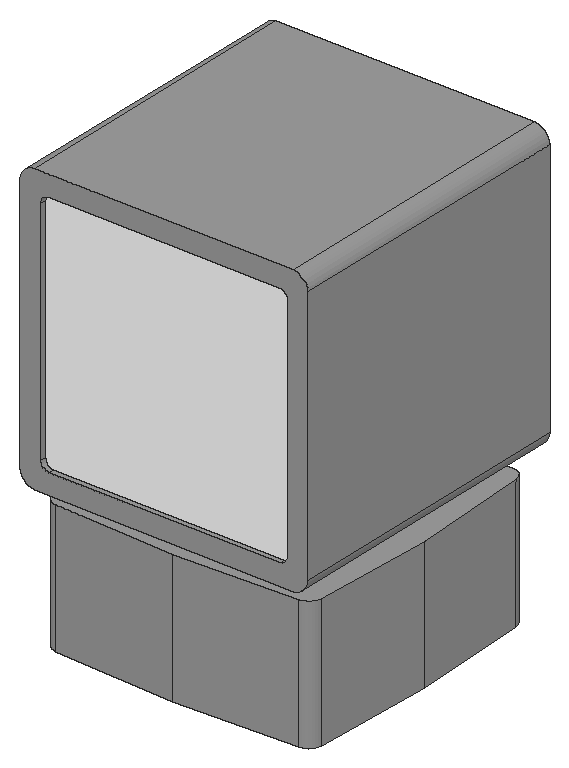
Revit family "3070030 Feilo Sylvania Lighting Fixtures INVERTO DIRECT NW 1-10V WHITE", category Lighting Fixtures, host Face, Revit 2017
Family settings
  Host = Face
  Round Connector Dimension = Use Diameter
  Part Type = Normal
  Cut with Voids When Loaded = No
  Light Source = Yes
  Shared = No
  Room Calculation Point = No
Parameters (values of type "3070030 INVERTO DIRECT NW 1-10V WHITE")
  Weight = "1.298 kg"
  Wattage Comments = "n/a"
  Wattage = 16 W
  WarrantyStartDate [instance] = "n/a"
  WarrantyGuarantorParts = "n/a"
  WarrantyDurationUnit = "n/a"
  WarrantyDurationParts = "n/a"
  WarrantyDescription = "n/a"
  built-in parameter 1150110 = 1 (stored number, unit not read)
  Voltage = 230 V
  URL = "http://www.sylvania-lighting.com"
  TypeName = "INVERTO DIRECT NW 1-10V WHITE"
  Type Image = <None>
  Type Comments = "n/a"
  built-in parameter 1114217 = 1 (stored number, unit not read)
  Tilt Angle = -90.00°
  built-in parameter 1150109 = 1 (stored number, unit not read)
  built-in parameter 1150134 = 12
  built-in parameter 1150113 = 1 (stored number, unit not read)
  SerialNumber [instance] = "n/a"
  PowerFactor = 0
  PowerConsumption = "16 W"
  Photometric Web File = "3070030.ies"
  NominalLength = 162 mm
  NominalHeight = 110 mm
  NominalDepth = 110 mm
  Name = "INVERTO DIRECT NW 1-10V WHITE"
  ModelReference = "INVERTO DIRECT NW 1-10V WHITE"
  ModelNumber = "3070030"
  Model = "INVERTO DIRECT NW 1-10V WHITE"
  Material = "aluminium housing, glass diffuser"
  ManufacturerName = "Feilo Sylvania"
  Manufacturer = "Feilo Sylvania"
  LuminousEfficacy = "102 lm/W"
  built-in parameter 1150105 = 129.87 (stored number, unit not read)
  Lumens = 1632 lm
  LuminaireType = ""
  built-in parameter 1150115 = 1 (stored number, unit not read)
  LightOutputRatio = "100"
  built-in parameter 1150137 = (empty or 0)
  built-in parameter 1150139 = (empty or 0)
  LampsType = Lamp  # "LED"
  LampNominalLuminous = "1617 / 2045 lm"
  LampMacAdamStep = "n/a"
  LampColourTemperature = "4000 K"
  LampColourRenderingIndex = "80"
  built-in parameter 1150112 = 1 (stored number, unit not read)
  built-in parameter 1150114 = 1 (stored number, unit not read)
  Lamp = "LED"
  Keynote = "16500"
  InstallationDate [instance] = "n/a"
  InputVoltage = "220-240V~"
  InputNominalFrequency = "50/60 Hz"
  built-in parameter 1150132 = 2
  built-in parameter 1150102 = (empty or 0)
  built-in parameter 1150107 = 4000 (stored number, unit not read)
  built-in parameter 1150138 = (empty or 0)
  IngressProtection = "IP65"
  ImpactProtectionIndex = "IK07"
  built-in parameter 1150106 = 1.2987 (stored number, unit not read)
  IfcExportType = "IfcLightFixtureType"
  IfcExportAs = "IfcLightFixtureType"
  Housing material = Default
  ExpectedLife = 50000
  Emit from Rectangle Width = 90 mm
  Emit from Rectangle Length = 90 mm
  Emit Shape Visible in Rendering = no
  ElectricShockClassification = "Class I"
  built-in parameter 1150104 = 9.4761 (stored number, unit not read)
  DurationUnit = "hours"
  DocumentationLiterature = "http://www.sylvania-lighting.com/product/en-int/products/3070030"
  DimmingControlOptions = "Dimmable"
  Dimming Lamp Color Temperature Shift = <None>
  Description = "Surface Wall mounted luminaire, wire to base with pluggable connection for easy installation,  suitable for looping, switchable driver, white coloured aluminium housing, 1,617lm or 2,045lm, 16W or 19W, 102lm/W or 107lm/W, 4000K, 350mA or 450mA , CRI:80,  40° beam Angle, 1-10V dimmable, IP65, IK02, 50,000hrs (L70),  23.00x19.4x11.5mm."
  Default Elevation = 1219.2 mm
  CreatedOn = "17/11/2017"
  CreatedBy = ""
  Cost = 0
  Color Filter = 16777215
  built-in parameter 1114216 [instance] = (empty or 0)
  Calculate Coefficient of Utilization = no
  BarCode [instance] = "n/a"
  built-in parameter 1114218 = 1 (stored number, unit not read)
  built-in parameter 1150133 = 10 (stored number, unit not read)
  AssetType = "Fixed"
  AssetIdentifier [instance] = "n/a"
  Assembly Code = "D5020200"
  Apparent Load = 16 VA
Reference planes
  plane 1 "Center (Front/Back)": y = 0
  plane 2: z = 0
  plane 3 "Center (Left/Right)": x = 0
  plane 4: x = 51
  plane 5: x = -51
  plane 6: y = -51
  plane 7: y = 51
  plane 8: x = -55
  plane 9: x = 55
  plane 10: y = 55
  plane 11: y = -55
  plane 12: z = 48
  plane 13: z = 162
  plane 14: z = 52
  plane 15: y = -40
  plane 16: y = 40
  plane 17: x = -40
  plane 18: x = 40
  plane 19: z = 62
  plane 20: z = 152
  plane 21: x = -45
  plane 22: x = 45
  plane 23: y = 48.5
  plane 24: x = -48.5
  plane 25: x = 48.5
  plane 26: y = -48.5
  plane 27: z = 107
  plane 28: z = 159
  plane 29: x = -52
  plane 30: z = 55
  plane 31: x = 52
Forms (mm)
  Extrusion 1, solid, material "Default", detail levels medium+fine
    sketch origin (0, 0, 0) x (0, 1, 0) y (0, 0, 1)
      loop
        line (-51, 48) -> (-51, 0) -> (51, 0) -> (51, 48) -> (-51, 48)
    from -51 to 51
  Extrusion 2, solid, material "Default", detail levels medium+fine
    sketch origin (0, 0, 0) x (0, 1, 0) y (0, 0, 1)
      loop
        line (-40, 48) -> (40, 48) -> (40, 55) -> (-40, 55) -> (-40, 48)
    from -40 to 40
  Extrusion 3, void, detail levels medium+fine
    sketch origin (0, 0, 0) x (1, 0, 0) y (0, 1, 0)
      loop
        arc (-44.399, 48.906) -> (-22.224, 50.476) -> (0, 51) r 471.7
        line (0, 51) -> (-51, 51) -> (-51, 0)
        arc (-51, 0) -> (-50.476, 22.224) -> (-48.906, 44.399) r 471.7
        arc (-48.906, 44.399) -> (-47.464, 47.464) -> (-44.399, 48.906) r 5
    from 0 to 48
  Extrusion 4, void, detail levels medium+fine
    sketch origin (0, 0, 0) x (-1, 0, 0) y (0, -1, 0)
      loop
        arc (-44.399, -48.906) -> (-47.464, -47.464) -> (-48.906, -44.399) r 5
        arc (-48.906, -44.399) -> (-50.476, -22.224) -> (-51, 0) r 471.7
        line (-51, 0) -> (-51, -51) -> (0, -51)
        arc (0, -51) -> (-22.224, -50.476) -> (-44.399, -48.906) r 471.7
    from 0 to 48
  Extrusion 5, void, detail levels medium+fine
    sketch origin (0, 0, 0) x (1, 0, 0) y (0, 1, 0)
      loop
        arc (-44.399, -48.906) -> (-47.464, -47.464) -> (-48.906, -44.399) r 5
        arc (-48.906, -44.399) -> (-50.476, -22.224) -> (-51, 0) r 471.7
        line (-51, 0) -> (-51, -51) -> (0, -51)
        arc (0, -51) -> (-22.224, -50.476) -> (-44.399, -48.906) r 471.7
    from 0 to 48
  Extrusion 6, void, detail levels medium+fine
    sketch origin (0, 0, 0) x (-1, 0, 0) y (0, -1, 0)
      loop
        arc (-44.399, 48.906) -> (-22.224, 50.476) -> (0, 51) r 471.7
        line (0, 51) -> (-51, 51) -> (-51, 0)
        arc (-51, 0) -> (-50.476, 22.224) -> (-48.906, 44.399) r 471.7
        arc (-48.906, 44.399) -> (-47.464, 47.464) -> (-44.399, 48.906) r 5
    from 0 to 48
  Extrusion 7, solid, material "Default", detail levels medium+fine
    sketch origin (0, 0, 0) x (1, 0, 0) y (0, 0, 1)
      loop
        arc (-47.19, 159.531) -> (-50.806, 157.806) -> (-52.531, 154.19) r 6
        arc (-52.531, 154.19) -> (-55, 107) -> (-52.531, 59.81) r 452.167
        arc (-52.531, 59.81) -> (-50.806, 56.194) -> (-47.19, 54.469) r 6
        arc (-47.19, 54.469) -> (0, 52) -> (47.19, 54.469) r 452.167
        arc (47.19, 54.469) -> (50.806, 56.194) -> (52.531, 59.81) r 6
        arc (52.531, 59.81) -> (55, 107) -> (52.531, 154.19) r 452.167
        arc (52.531, 154.19) -> (50.806, 157.806) -> (47.19, 159.531) r 6
        arc (47.19, 159.531) -> (0, 162) -> (-47.19, 159.531) r 452.167
    from -55 to 55
  Extrusion 8, solid, material "Default" <- "Housing material", detail levels coarse
    sketch origin (0, 0, 0) x (1, 0, 0) y (0, 0, 1)
      loop
        line (-55, 162) -> (-55, 52) -> (55, 52) -> (55, 162) -> (-55, 162)
    from -55 to 55
  Extrusion 9, void
    sketch origin (1524, -55, 1219.2) x (-1, 0, 0) y (0, 0, 1)
      loop
        line (1566, -1067.2) -> (1482, -1067.2)
        arc (1482, -1067.2) -> (1479.879, -1068.079) -> (1479, -1070.2) r 3
        line (1479, -1070.2) -> (1479, -1154.2)
        arc (1479, -1154.2) -> (1479.879, -1156.321) -> (1482, -1157.2) r 3
        line (1482, -1157.2) -> (1566, -1157.2)
        arc (1566, -1157.2) -> (1568.121, -1156.321) -> (1569, -1154.2) r 3
        line (1569, -1154.2) -> (1569, -1070.2)
        arc (1569, -1070.2) -> (1568.121, -1068.079) -> (1566, -1067.2) r 3
    from 0 to 4
  Extrusion 10, solid, material "Diffuser-Sylvania-Glow"
    sketch origin (1524, -51, 1219.2) x (1, 0, 0) y (0, 0, 1)
      loop
        line (-1566, -1157.2) -> (-1482, -1157.2)
        arc (-1482, -1157.2) -> (-1479.879, -1156.321) -> (-1479, -1154.2) r 3
        line (-1479, -1154.2) -> (-1479, -1070.2)
        arc (-1479, -1070.2) -> (-1479.879, -1068.079) -> (-1482, -1067.2) r 3
        line (-1482, -1067.2) -> (-1566, -1067.2)
        arc (-1566, -1067.2) -> (-1568.121, -1068.079) -> (-1569, -1070.2) r 3
        line (-1569, -1070.2) -> (-1569, -1154.2)
        arc (-1569, -1154.2) -> (-1568.121, -1156.321) -> (-1566, -1157.2) r 3
    from 0 to 2
  Extrusion 11, solid, material "Default", detail levels coarse
    sketch origin (0, 0, 0) x (1, 0, 0) y (0, 1, 0)
      loop
        line (-51, 51) -> (-51, -51) -> (51, -51) -> (51, 51) -> (-51, 51)
    from 0 to 48
Cuts and joins
  Extrusion 3, Extrusion 4, Extrusion 5, Extrusion 6 cuts Extrusion 1
  Extrusion 9 cuts Extrusion 2
  Extrusion 9 cuts Extrusion 7
  joined: Extrusion 2, Extrusion 7
  Extrusion 9 cuts Extrusion 8
Dimensions and locks
  equal spacing: plane 5, plane 3 "Center (Left/Right)", plane 4
  locked: plane 5 to plane 4 at 102
  equal spacing: plane 6, plane 1 "Center (Front/Back)", plane 7
  locked: plane 6 to plane 7 at 102
  equal spacing: plane 11, plane 1 "Center (Front/Back)", plane 10
  locked: plane 11 to plane 10 at 110
  equal spacing: plane 8, plane 3 "Center (Left/Right)", plane 9
  locked: plane 8 to plane 9 at 110
  locked: plane 12 to plane 2 at 48
  locked: plane 12 to plane 14 at 4
  locked: plane 13 to plane 2 at 162
  equal spacing: plane 15, plane 1 "Center (Front/Back)", plane 16
  locked: plane 15 to plane 16 at 80
  equal spacing: plane 17, plane 3 "Center (Left/Right)", plane 18
  locked: plane 17 to plane 18 at 80
  locked: plane 19 to plane 14 at 10
  locked: plane 13 to plane 20 at 10
  locked: plane 21 to plane 8 at 10
  locked: plane 9 to plane 22 at 10
  plane 19 to plane 14 = 10 mm
  locked: plane 27 to plane 2 at 107
  locked: plane 29 to plane 8 at 3
  locked: plane 13 to plane 28 at 3
  locked: plane 9 to plane 31 at 3
  locked: plane 30 to plane 14 at 3
  aligned and locked: plane 2 to host face
  aligned and locked: level to host face
  aligned and locked: plane 12 to Extrusion 1 sketch curve
  aligned and locked: Extrusion 1 sketch curve to plane 6
  aligned and locked: level to Extrusion 1 sketch curve
  aligned and locked: plane 7 to Extrusion 1 sketch curve
  aligned and locked: plane 4 to Extrusion 1
  aligned and locked: Extrusion 1 to plane 5
  aligned and locked: plane 12 to Extrusion 2 sketch curve
  aligned and locked: plane 15 to Extrusion 2 sketch curve
  aligned and locked: Extrusion 2 sketch curve to plane 16
  aligned and locked: Extrusion 3 sketch curve to Extrusion 1
  aligned and locked: Extrusion 3 to level
  aligned and locked: Extrusion 3 to plane 12
  aligned and locked: Extrusion 7 to plane 10
  aligned and locked: plane 11 to Extrusion 7
  aligned and locked: Extrusion 2 to plane 30
  aligned and locked: plane 13 to Extrusion 8 sketch curve
  aligned and locked: Extrusion 8 sketch curve to plane 14
  aligned and locked: Extrusion 8 sketch curve to plane 9
  aligned and locked: plane 11 to Extrusion 8
  aligned and locked: Extrusion 8 to plane 10
  aligned and locked: Extrusion 9 sketch curve to plane 20
  aligned and locked: plane 19 to Extrusion 9 sketch curve
  aligned and locked: plane 11 to Extrusion 9
  aligned and locked: Extrusion 9 to plane 6
  aligned and locked: Extrusion 10 to plane 6
  aligned and locked: plane 22 to Extrusion 9 sketch curve
  aligned and locked: Extrusion 9 sketch curve to plane 21
  aligned and locked: plane 21 to Extrusion 10 sketch curve
  aligned and locked: Extrusion 10 sketch curve to plane 22
  aligned and locked: plane 7 to Extrusion 11 sketch curve
  aligned and locked: plane 5 to Extrusion 11 sketch curve
  aligned and locked: Extrusion 11 sketch curve to plane 6
  aligned and locked: Extrusion 11 sketch curve to plane 4
  aligned and locked: Extrusion 11 to level
  aligned and locked: Extrusion 11 to plane 12
  aligned and locked: imposter light to Extrusion 10
  aligned and locked: imposter light to plane 27
Automatic sketch dimensions
  host sketch curve to host sketch curve = 2438.4 mm  (x2)
  Extrusion 3 sketch curve to plane 3 "Center (Left/Right)" = 0 mm
  plane 1 "Center (Front/Back)" to Extrusion 3 sketch curve = 0 mm
  plane 7 to Extrusion 3 sketch curve = 0 mm
  plane 21 to Extrusion 3 sketch curve = 1.072 mm
  plane 9 to Extrusion 3 sketch curve = 365.7 mm
  plane 11 to Extrusion 3 sketch curve = 365.7 mm
  Extrusion 3 sketch curve to plane 16 = 3.928 mm
  Extrusion 3 sketch curve to Extrusion 3 sketch curve = 0 mm
  plane 1 "Center (Front/Back)" to Extrusion 4 sketch curve = 0 mm
  Extrusion 4 sketch curve to plane 4 = 0 mm
  Extrusion 4 sketch curve to plane 3 "Center (Left/Right)" = 0 mm
  plane 7 to Extrusion 4 sketch curve = 0 mm
  plane 22 to Extrusion 4 sketch curve = 1.072 mm
  plane 8 to Extrusion 4 sketch curve = 365.7 mm
  Extrusion 4 sketch curve to plane 11 = 365.7 mm
  plane 16 to Extrusion 4 sketch curve = 3.928 mm
  Extrusion 4 sketch curve to Extrusion 4 sketch curve = 0 mm
  plane 1 "Center (Front/Back)" to Extrusion 5 sketch curve = 0 mm
  Extrusion 5 sketch curve to plane 5 = 0 mm
  Extrusion 5 sketch curve to plane 3 "Center (Left/Right)" = 0 mm
  plane 6 to Extrusion 5 sketch curve = 0 mm
  Extrusion 5 sketch curve to plane 21 = 1.072 mm
  Extrusion 5 sketch curve to plane 9 = 365.7 mm
  plane 10 to Extrusion 5 sketch curve = 365.7 mm
  Extrusion 5 sketch curve to plane 15 = 3.928 mm
  Extrusion 5 sketch curve to Extrusion 5 sketch curve = 0 mm
  plane 1 "Center (Front/Back)" to Extrusion 6 sketch curve = 0 mm
  Extrusion 6 sketch curve to plane 4 = 0 mm
  Extrusion 6 sketch curve to plane 3 "Center (Left/Right)" = 0 mm
  plane 6 to Extrusion 6 sketch curve = 0 mm
  Extrusion 6 sketch curve to plane 22 = 1.072 mm
  Extrusion 6 sketch curve to plane 8 = 365.7 mm
  Extrusion 6 sketch curve to plane 10 = 365.7 mm
  plane 15 to Extrusion 6 sketch curve = 3.928 mm
  Extrusion 6 sketch curve to Extrusion 6 sketch curve = 0 mm
  Extrusion 7 sketch curve to plane 27 = 0 mm  (x2)
  Extrusion 7 sketch curve to plane 3 "Center (Left/Right)" = 0 mm  (x2)
  Extrusion 7 sketch curve to plane 8 = 342.167 mm
  Extrusion 7 sketch curve to plane 21 = 1.564 mm
  Extrusion 7 sketch curve to plane 17 = 6.564 mm
  plane 18 to Extrusion 7 sketch curve = 6.564 mm  (x2)
  plane 9 to Extrusion 7 sketch curve = 342.167 mm
  plane 19 to Extrusion 7 sketch curve = 1.564 mm  (x2)
  Extrusion 7 sketch curve to level = 290.167 mm
  Extrusion 7 sketch curve to plane 20 = 1.564 mm  (x2)
  Extrusion 7 sketch curve to plane 13 = 342.167 mm
  Extrusion 7 sketch curve to Extrusion 7 sketch curve = 0 mm  (x7)
  Extrusion 7 sketch curve to plane 29 = 0.531 mm
  Extrusion 2 sketch curve to plane 14 = 3 mm
  Extrusion 8 sketch curve to plane 8 = 0 mm
  plane 18 to Extrusion 9 sketch curve = 2 mm  (x2)
  Extrusion 9 sketch curve to plane 17 = 2 mm  (x2)
  Extrusion 10 sketch curve to plane 19 = 0 mm
  Extrusion 10 sketch curve to plane 20 = 0 mm
  Extrusion 10 sketch curve to plane 17 = 2 mm  (x2)
  plane 18 to Extrusion 10 sketch curve = 2 mm  (x2)
Connectors
  electrical at (0, 0, 0), driven by "Apparent Load"
    settings: index 1, voltage 230 V, apparent load 16 VA, apparent load phase1 0 VA, apparent load phase2 0 VA, apparent load phase3 0 VA, power factor 0, load classification "Lighting", number of poles 1, system type 30, power factor state 1, is connector primary yes, connector utility no, sub classification motor no, connector description ""
